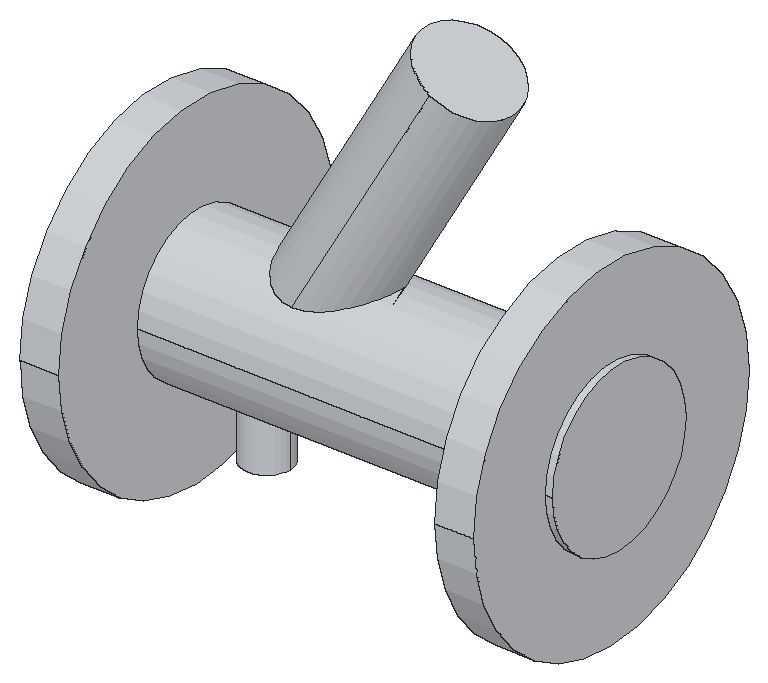
Revit family "HS 821-síto_jemné-PN16-DN015-RFA_2019", category Pipe Accessories, Revit 2019
Family settings
  Round Connector Dimension = Use Diameter
  Part Type = Breaks Into
  Work Plane-Based = No
  Always vertical = Yes
  Cut with Voids When Loaded = No
  Shared = No
Parameters (values of type "821A-DN015-PN16-síto_jemné")
  magiProductId = "a71bcfe8b393460598b23e8ddf7dc5"
  magiProductFamilyId = "79214ac3aaa945e397802f559f5c1e"
  magiPartTypeId = 307
  isMeasuringValve [instance] = no
  ang2D [instance] = 0.00°
  ZB__ve = -ZB  # -16.25 mm
  ZB1 = 18.63 mm
  ZB = 16.25 mm
  X2 = 46.982 mm
  X1 = 18.2 mm
  W2D = 15 mm
  VersionID = "2.0/2017.9.26.1/ZETKAMA_821_001"
  Use Minimum Symbol Size [instance] = yes
  URL = "www.hydronix.cz"
  Type Comments = "Filtr přírubový; síto jemné; A-PN16 (-10~300°C); D-PN25 (-10~350°C); F-PN40 (-10~400°C)"
  S = 46 mm
  QmdConnectorList = "301;D;302;D"
  Productdata [instance] = ""
  Manufacturer = "Hydronix"
  MC Product Code = "210 115 (821A; DN015; PN16; kvs6,2; oko síta 0,63mm)"
  LM1 = 10.4 mm
  LM = 104 mm
  L4 = 32.5 mm
  L2D_Min = 3048 mm
  L2D = 130 mm
  L2 = 65 mm
  HH2 = 81.375 mm
  FD = 95 mm
  Description = "Filtr přírubový; síto jemné; 821A-PN16; 821D-PN25; 821F-PN40"
  DM1 = 27.6 mm
  DM = 41.4 mm
  D = 15 mm
  CC = 2.21 mm
  CAT0 = yes
  C1 = 10.79 mm
  C = 13 mm
  BD = 13.041 mm
Types (40, lengths in mm): name | magiProductId | ZB__ve | ZB1 | ZB | X2 | X1 | S | MC Product Code | LM1 | LM | L4 | L2 | HH2 | FD | DM1 | DM | D | CC | C1 | C | BD
  821A-DN015-PN16-síto_jemné | "a71bcfe8b393460598b23e8ddf7dc5" | -16.25 | 18.63 | 16.25 | 46.982 | 18.2 | 46 | "210 115 (821A; DN015; PN16; kvs6,2; oko síta 0,63mm)" | 10.4 | 104 | 32.5 | 65 | 81.375 | 95 | 27.6 | 41.4 | 15 | 2.21 | 10.79 | 13 | 13.041
  821A-DN020-PN16-síto_jemné | "41cd6c7a12924f4991217528336076" | -17.75 | 22.68 | 17.75 | 51.673 | 21 | 56 | "210 120 (821A; DN020; PN16; kvs9,6; oko síta 0,63mm)" | 12 | 120 | 37.5 | 75 | 89.5 | 105 | 33.6 | 50.4 | 20 | 2.55 | 12.45 | 15 | 15.876
  821A-DN025-PN16-síto_jemné | "be378b463ed14c3abf4c9b3ae8cf3a" | -19.25 | 26.325 | 19.25 | 58.601 | 22.4 | 65 | "210 125 (821A; DN025; PN16; kvs14,2; oko síta 0,63mm)" | 12.8 | 128 | 40 | 80 | 101.5 | 115 | 43.2 | 58.5 | 25 | 2.72 | 13.28 | 16 | 18.427
  821A-DN032-PN16-síto_jemné | "227a0d18b21540afabe8b6067d35fa" | -23 | 30.78 | 23 | 68.849 | 25.2 | 76 | "210 132 (821A; DN032; PN16; kvs23,1; oko síta 0,63mm)" | 14.4 | 144 | 45 | 90 | 119.25 | 140 | 50.4 | 68.4 | 32 | 3.06 | 14.94 | 18 | 21.546
  821A-DN040-PN16-síto_jemné | "d106917c74724141a10440112d0102" | -24.5 | 34.02 | 24.5 | 75.777 | 28 | 84 | "210 140 (821A; DN040; PN16; kvs36,6; oko síta 0,63mm)" | 16 | 160 | 50 | 100 | 131.25 | 150 | 60 | 75.6 | 40 | 3.4 | 16.6 | 20 | 23.814
  821A-DN050-PN16-síto_jemné | "8255d456a09e4f6486734f5dd9171b" | -26.75 | 40.095 | 26.75 | 79.061 | 32.2 | 99 | "210 150 (821A; DN050 PN16; kvs53,7; oko síta 0,63mm)" | 18.4 | 184 | 57.5 | 115 | 136.938 | 165 | 73.8 | 89.1 | 50 | 3.91 | 19.09 | 23 | 28.066
  821A-DN065-PN16-síto_jemné | "235b1b3e4c0843779a4d5e3716d40a" | -29.75 | 47.79 | 29.75 | 86.927 | 40.6 | 118 | "210 165 (821A; DN065; PN16; kvs95,1; oko síta 0,63mm)" | 23.2 | 232 | 72.5 | 145 | 150.562 | 185 | 94.2 | 106.2 | 65 | 4.93 | 24.07 | 29 | 33.453
  821A-DN080-PN16-síto_jemné | "a067f7c5236348ed8c820d16df7214" | -32 | 53.46 | 32 | 104.753 | 43.4 | 132 | "210 180 (821A; DN080; PN16; kvs137,1; oko síta 0,63mm)" | 24.8 | 248 | 77.5 | 155 | 181.438 | 200 | 107.4 | 118.8 | 80 | 5.27 | 25.73 | 31 | 37.422
  821A-DN100-PN16-síto_jemné | "c49a648c2747461285837d643703cd" | -35 | 63.18 | 35 | 114.857 | 49 | 156 | "210 190 (821A; DN100; PN16; kvs206,4; oko síta 0,63mm)" | 28 | 280 | 87.5 | 175 | 198.937 | 220 | 131.4 | 140.4 | 100 | 5.95 | 29.05 | 35 | 44.226
  821A-DN125-PN16-síto_jemné | "bf68e728a163493cbd2a663b26ebdc" | -39.5 | 74.52 | 39.5 | 131.888 | 56 | 184 | "210 191 (821A; DN125; PN16; kvs268,8; oko síta 0,63mm)" | 32 | 320 | 100 | 200 | 228.438 | 250 | 165 | 165.6 | 125 | 6.8 | 33.2 | 40 | 52.164
  821A-DN150-PN16-síto_jemné | "2de770284b654863ae6bc865769dc5" | -44.75 | 85.455 | 44.75 | 155.885 | 67.2 | 211 | "210 192 (821A; DN150; PN16; kvs401,4; oko síta 0,63mm)" | 38.4 | 384 | 120 | 240 | 270 | 285 | 192 | 189.9 | 150 | 8.16 | 39.84 | 48 | 59.818
  821A-DN200-PN16-síto_jemné | "8e5693371ab64aabb29a7f08c76e15" | -53 | 107.73 | 53 | 188.361 | 84 | 266 | "210 193 (821A; DN200; PN16; kvs706,7; oko síta 0,63mm)" | 48 | 480 | 150 | 300 | 326.25 | 340 | 252 | 239.4 | 200 | 10.2 | 49.8 | 60 | 75.411
  821A-DN250-PN16-síto_jemné | "05e37ed948c34047acdd4c42556504" | -62.75 | 129.195 | 62.75 | 255.911 | 102.2 | 319 | "210 194 (821A; DN250; PN16; kvs1229,4; oko síta 0,63mm)" | 58.4 | 584 | 182.5 | 365 | 443.25 | 405 | 309.6 | 287.1 | 250 | 12.41 | 60.59 | 73 | 90.436
  821A-DN300-PN16-síto_jemné | "9ad0af747269428da925480d83ce80" | -71 | 149.85 | 71 | 325.914 | 119 | 370 | "210 195 (821A; DN300; PN16; kvs1902,4; oko síta 0,63mm)" | 68 | 680 | 212.5 | 425 | 564.5 | 460 | 369.6 | 333 | 300 | 14.45 | 70.55 | 85 | 104.895
  821A-DN350-PN16-síto_jemné | "eebc71459bb3451bb4355e7951370a" | -80 | 173.745 | 80 | 356.875 | 137.2 | 429 | "200 196 (821A; DN350; PN16; kvs2611,0; oko síta 0,63mm)" | 78.4 | 784 | 245 | 490 | 618.125 | 520 | 438 | 386.1 | 350 | 16.66 | 81.34 | 98 | 121.621
  821A-DN400-PN16-síto_jemné | "d2f677cb196647e385b2590e7d8abe" | -89 | 194.4 | 89 | 392.237 | 154 | 480 | "210 197 (821A; DN400; PN16; kvs3438,4; oko síta 0,63mm)" | 88 | 880 | 275 | 550 | 679.375 | 580 | 498 | 432 | 400 | 18.7 | 91.3 | 110 | 136.08
  821D-DN015-PN25-síto_jemné | "27ddcbf555414f8ca1fde329bf9087" | -16.25 | 18.63 | 16.25 | 46.982 | 18.2 | 46 | "210 215 (821D; DN015; PN25; kvs6,2; oko síta 0,63mm)" | 10.4 | 104 | 32.5 | 65 | 81.375 | 95 | 27.6 | 41.4 | 15 | 2.21 | 10.79 | 13 | 13.041
  821D-DN020-PN25-síto_jemné | "270e0f14012f47189cd0235c18faee" | -17.75 | 22.68 | 17.75 | 51.673 | 21 | 56 | "210 220 (821D; DN020; PN25; kvs9,6; oko síta 0,63mm)" | 12 | 120 | 37.5 | 75 | 89.5 | 105 | 33.6 | 50.4 | 20 | 2.55 | 12.45 | 15 | 15.876
  821D-DN025-PN25-síto_jemné | "b9a7fb4aa36643878c637d8e1ab992" | -19.25 | 26.325 | 19.25 | 58.601 | 22.4 | 65 | "210 225 (821D; DN025; PN25; kvs14,2; oko síta 0,63mm)" | 12.8 | 128 | 40 | 80 | 101.5 | 115 | 43.2 | 58.5 | 25 | 2.72 | 13.28 | 16 | 18.427
  821D-DN032-PN25-síto_jemné | "6be9a55c4e68400f94eec7e804204c" | -23 | 30.78 | 23 | 68.849 | 25.2 | 76 | "210 232 (821D; DN032; PN25; kvs23,1; oko síta 0,63mm)" | 14.4 | 144 | 45 | 90 | 119.25 | 140 | 50.4 | 68.4 | 32 | 3.06 | 14.94 | 18 | 21.546
  821D-DN040-PN25-síto_jemné | "c54511bd7f584ec2984291479612cb" | -24.5 | 34.02 | 24.5 | 75.777 | 28 | 84 | "210 240 (821D; DN040; PN25; kvs36,6; oko síta 0,63mm)" | 16 | 160 | 50 | 100 | 131.25 | 150 | 60 | 75.6 | 40 | 3.4 | 16.6 | 20 | 23.814
  821D-DN050-PN25-síto_jemné | "5483b1f596b04cd39b23a14a22c90e" | -26.75 | 40.095 | 26.75 | 79.061 | 32.2 | 99 | "210 250 (821D; DN050; PN25; kvs53,7; oko síta 0,63mm)" | 18.4 | 184 | 57.5 | 115 | 136.938 | 165 | 73.8 | 89.1 | 50 | 3.91 | 19.09 | 23 | 28.066
  821D-DN065-PN25-síto_jemné | "767b0f8318e94750bc7a9930ed5b30" | -29.75 | 47.79 | 29.75 | 86.927 | 40.6 | 118 | "210 265 (821D; DN065; PN25; kvs95,1; oko síta 0,63mm)" | 23.2 | 232 | 72.5 | 145 | 150.562 | 185 | 94.2 | 106.2 | 65 | 4.93 | 24.07 | 29 | 33.453
  821D-DN080-PN25-síto_jemné | "e21040fa3cc2404b858198f6b73709" | -32 | 53.46 | 32 | 104.753 | 43.4 | 132 | "210 280 (821D; DN080; PN25; kvs137,1; oko síta 0,63mm)" | 24.8 | 248 | 77.5 | 155 | 181.438 | 200 | 107.4 | 118.8 | 80 | 5.27 | 25.73 | 31 | 37.422
  821D-DN100-PN25-síto_jemné | "175ca87a506b40b3bc6b82f12f33cf" | -37.25 | 63.18 | 37.25 | 114.857 | 49 | 156 | "210 290 (821D; DN100; PN25; kvs206,4; oko síta 0,63mm)" | 28 | 280 | 87.5 | 175 | 198.937 | 235 | 131.4 | 140.4 | 100 | 5.95 | 29.05 | 35 | 44.226
  821D-DN125-PN25-síto_jemné | "77cc98d60da24855999a22dff726b2" | -42.5 | 74.52 | 42.5 | 131.888 | 56 | 184 | "210 291 (821D; DN125; PN25; kvs268,8; oko síta 0,63mm)" | 32 | 320 | 100 | 200 | 228.438 | 270 | 165 | 165.6 | 125 | 6.8 | 33.2 | 40 | 52.164
  821D-DN150-PN25-síto_jemné | "9cf8acfcd15547d68e83172d3abcbe" | -47 | 85.455 | 47 | 155.885 | 67.2 | 211 | "210 292 (821D; DN150; PN25; kvs401,4; oko síta 0,63mm)" | 38.4 | 384 | 120 | 240 | 270 | 300 | 192 | 189.9 | 150 | 8.16 | 39.84 | 48 | 59.818
  821D-DN200-PN25-síto_jemné | "16973f3c9ea14389ba8602495a6b64" | -56 | 110.97 | 56 | 188.361 | 84 | 274 | "210 293 (821D; DN200; PN25; kvs706,7; oko síta 0,63mm)" | 48 | 480 | 150 | 300 | 326.25 | 360 | 252 | 246.6 | 200 | 10.2 | 49.8 | 60 | 77.679
  821F-DN015-PN40-síto_jemné | "4c7eaf3c4c0340888b3e684d8a8616" | -16.25 | 18.225 | 16.25 | 46.982 | 18.2 | 45 | "250 615 (821F; DN015; PN40; kvs6,2; oko síta 0,63mm)" | 10.4 | 104 | 32.5 | 65 | 81.375 | 95 | 27.6 | 40.5 | 15 | 2.21 | 10.79 | 13 | 12.757
  821F-DN020-PN40-síto_jemné | "aaac5f1ec96b44d6ba96ac2293d66d" | -17.75 | 23.49 | 17.75 | 51.673 | 21 | 58 | "250 620 (821F; DN020; PN40; kvs9,6; oko síta 0,63mm)" | 12 | 120 | 37.5 | 75 | 89.5 | 105 | 33.6 | 52.2 | 20 | 2.55 | 12.45 | 15 | 16.443
  821F-DN025-PN40-síto_jemné | "504768023968471481789485b54c7e" | -19.25 | 27.54 | 19.25 | 58.601 | 22.4 | 68 | "250 625 (821F; DN025; PN40; kvs14,2; oko síta 0,63mm)" | 12.8 | 128 | 40 | 80 | 101.5 | 115 | 43.2 | 61.2 | 25 | 2.72 | 13.28 | 16 | 19.278
  821F-DN032-PN40-síto_jemné | "165e7f39cf744f329bdf1c400dad12" | -23 | 31.59 | 23 | 68.849 | 25.2 | 78 | "250 632 (821F; DN032; PN40; kvs23,1; oko síta 0,63mm)" | 14.4 | 144 | 45 | 90 | 119.25 | 140 | 50.4 | 70.2 | 32 | 3.06 | 14.94 | 18 | 22.113
  821F-DN040-PN40-síto_jemné | "b8903f952089408fbf3a5a632bab1f" | -24.5 | 35.64 | 24.5 | 75.777 | 28 | 88 | "250 640 (821F; DN040; PN40; kvs36,6; oko síta 0,63mm)" | 16 | 160 | 50 | 100 | 131.25 | 150 | 60 | 79.2 | 40 | 3.4 | 16.6 | 20 | 24.948
  821F-DN050-PN40-síto_jemné | "c451f97266fe48da8f879cb6a2bd44" | -26.75 | 41.31 | 26.75 | 79.061 | 32.2 | 102 | "250 650 (821F; DN050; PN40; kvs53,7; oko síta 0,63mm)" | 18.4 | 184 | 57.5 | 115 | 136.938 | 165 | 73.8 | 91.8 | 50 | 3.91 | 19.09 | 23 | 28.917
  821F-DN065-PN40-síto_jemné | "dc9821e3f9b34e128f6a8c6b34c198" | -29.75 | 49.41 | 29.75 | 86.927 | 40.6 | 122 | "250 665 (821F; DN065; PN40; kvs95,1; oko síta 0,63mm)" | 23.2 | 232 | 72.5 | 145 | 150.562 | 185 | 94.2 | 109.8 | 65 | 4.93 | 24.07 | 29 | 34.587
  821F-DN080-PN40-síto_jemné | "689aa1e260f84cf4994f027a1d86b5" | -32 | 55.89 | 32 | 104.753 | 43.4 | 138 | "250 680 (821F; DN080; PN40; kvs137,1; oko síta 0,63mm)" | 24.8 | 248 | 77.5 | 155 | 181.438 | 200 | 107.4 | 124.2 | 80 | 5.27 | 25.73 | 31 | 39.123
  821F-DN100-PN40-síto_jemné | "8a45d4e8e2ab425f8c432f21d684f3" | -37.25 | 65.61 | 37.25 | 114.857 | 49 | 162 | "250 690 (821F; DN100; PN40; kvs206,4; oko síta 0,63mm)" | 28 | 280 | 87.5 | 175 | 198.937 | 235 | 131.4 | 145.8 | 100 | 5.95 | 29.05 | 35 | 45.927
  821F-DN125-PN40-síto_jemné | "cf073904c006406b8645afa67ea2fc" | -42.5 | 76.14 | 42.5 | 131.888 | 56 | 188 | "250 691 (821F; DN125; PN40; kvs268,8; oko síta 0,63mm)" | 32 | 320 | 100 | 200 | 228.438 | 270 | 165 | 169.2 | 125 | 6.8 | 33.2 | 40 | 53.298
  821F-DN150-PN40-síto_jemné | "0153b9ddabe14992a630484929fdbc" | -47 | 88.29 | 47 | 155.885 | 67.2 | 218 | "250 692 (821F; DN150; PN40; kvs401,4; oko síta 0,63mm)" | 38.4 | 384 | 120 | 240 | 270 | 300 | 192 | 196.2 | 150 | 8.16 | 39.84 | 48 | 61.803
  821F-DN200-PN40-síto_jemné | "7fb3fc01dd8d42428c203e3f8dd4d5" | -56 | 115.425 | 56 | 188.361 | 84 | 285 | "250 693 (821F; DN200; PN40; kvs706,7; oko síta 0,63mm)" | 48 | 480 | 150 | 300 | 326.25 | 360 | 252 | 256.5 | 200 | 10.2 | 49.8 | 60 | 80.797
Reference planes
  plane 1 "Center (Front/Back)": y = 0
  plane 2 "XYPLANE": z = 0
  plane 3 "Center (Left/Right)": x = 0
  plane 4 "109": x = -41.6
  plane 5 "108": x = 52
  plane 6 "107": x = -52
  plane 7 "105": x = 65
  plane 8 "104": x = -65
  plane 9 "103": y = 0
  plane 10 "102": z = 0
  plane 11 "101": x = -62.79
  plane 12 "100": x = 62.79
  plane 13 "11": x = -23.4
  plane 14 "10": z = 81.375
  plane 15 "9": x = 23.582
  plane 16 "5": z = -18.63
  plane 17 "4": x = -32.5
  plane 18 "1": x = 32.5
Forms (mm)
  Extrusion 1, solid, visible <- "CAT0"
    sketch origin (-52, -750, 0) x (0, 1, 0) y (0, 0, 1)
      loop
        circle (750, 0) r 20.7
    from 0 to 104 <- "LM"
  Extrusion 2, solid
    sketch origin (-65, -750, 0) x (0, 1, 0) y (0, 0, 1)
      loop
        circle (750, 0) r 23
    from 0 to 2.21 <- "CC"
  Extrusion 3, solid
    sketch origin (-62.79, -750, 0) x (0, 1, 0) y (0, 0, 1)
      loop
        circle (750, 0) r 47.5
    from 0 to 10.79 <- "C1"
  Extrusion 4, solid
    sketch origin (52, -750, 0) x (0, 1, 0) y (0, 0, 1)
      loop
        circle (750, 0) r 47.5
    from 0 to 10.79 <- "C1"
  Extrusion 5, solid
    sketch origin (62.79, -750, 0) x (0, 1, 0) y (0, 0, 1)
      loop
        circle (750, 0) r 23
    from 0 to 2.21 <- "CC"
  Sweep 6, solid, visible <- "CAT0"
    path origin (750, 0, 0) x (-1, 0, 0) y (0, 0, 1)
      loop
        line (802, 0) -> (773.4, 0) -> (726.418, 81.375)
    profile origin (-52, 0, 0) x (0, 0, -1) y (0, 1, 0)
      loop
        circle (0, 0) r 13.8
  Extrusion 7, solid, visible <- "CAT0"
    sketch origin (-750, 0, -18.63) x (1, 0, 0) y (0, 1, 0)
      loop
        circle (717.5, 0) r 6.52
    from 0 to -16.25 <- "ZB__ve"
  Extrusion 8, solid, visible <- "CAT0"
    sketch origin (-750, 0, -18.63) x (1, 0, 0) y (0, 1, 0)
      loop
        circle (782.5, 0) r 6.52
    from 0 to -16.25 <- "ZB__ve"
  Extrusion 9, solid, not visible
    sketch origin (65, -750, 0) x (0, 1, 0) y (0, 0, 1)
      loop
        circle (750, 0) r 10
    from 0 to -10
  Extrusion 10, solid, not visible
    sketch origin (-65, -750, 0) x (0, 1, 0) y (0, 0, 1)
      loop
        circle (750, 0) r 10
    from 0 to 10
Lines and regions (mm)
  reference lines, not visible
    curve 1: circle (2, 2, 0) r 1 normal (0, 0, 1)
Dimensions and locks
  plane 1 "Center (Front/Back)" to curve 1 = 2 mm
  "LM1": plane 6 "107" to plane 4 "109"
  "LM": plane 6 "107" to plane 5 "108"
  "C": plane 8 "104" to plane 6 "107"
  "L2": plane 3 "Center (Left/Right)" to plane 7 "105"
  "L2": plane 3 "Center (Left/Right)" to plane 8 "104"
  locked: plane 1 "Center (Front/Back)" to plane 9 "103"
  locked: plane 2 "XYPLANE" to plane 10 "102"
  "CC": plane 8 "104" to plane 11 "101"
  "C1": plane 5 "108" to plane 12 "100"
  "X1": plane 4 "109" to plane 13 "11"
  "HH2": plane 2 "XYPLANE" to plane 14 "10"
  "X2": plane 13 "11" to plane 15 "9"
  "ZB1": plane 2 "XYPLANE" to plane 16 "5"
  "L4": plane 8 "104" to plane 17 "4"
  "L2": plane 17 "4" to plane 18 "1"
  Sweep 6 sketch curve to Sweep 6 sketch curve = 0 mm  (x2)
  "DM": diameter of Extrusion 1 sketch curve
  "S": diameter of Extrusion 2 sketch curve
  "FD": diameter of Extrusion 3 sketch curve
  "FD": diameter of Extrusion 4 sketch curve
  "S": diameter of Extrusion 5 sketch curve
  "DM1": diameter of Sweep 6 sketch curve
  "BD": diameter of Extrusion 7 sketch curve
  "BD": diameter of Extrusion 8 sketch curve
  aligned and locked: level to plane 2 "XYPLANE"
  aligned and locked: Extrusion 1 sketch curve to plane 9 "103"
  aligned and locked: plane 10 "102" to Extrusion 1 sketch curve
  aligned and locked: Extrusion 2 sketch curve to plane 9 "103"
  aligned and locked: plane 10 "102" to Extrusion 2 sketch curve
  aligned and locked: Extrusion 3 sketch curve to plane 9 "103"
  aligned and locked: plane 10 "102" to Extrusion 3 sketch curve
  aligned and locked: Extrusion 4 sketch curve to plane 9 "103"
  aligned and locked: plane 10 "102" to Extrusion 4 sketch curve
  aligned and locked: Extrusion 5 sketch curve to plane 9 "103"
  aligned and locked: plane 10 "102" to Extrusion 5 sketch curve
  aligned and locked: Sweep 6 sketch curve to plane 9 "103"
  aligned and locked: plane 10 "102" to Sweep 6 sketch curve  (x3)
  aligned and locked: plane 6 "107" to Sweep 6 sketch curve
  aligned and locked: plane 13 "11" to Sweep 6 sketch curve
  aligned and locked: plane 14 "10" to Sweep 6 sketch curve
  aligned and locked: plane 15 "9" to Sweep 6 sketch curve
  aligned and locked: plane 9 "103" to Extrusion 7 sketch curve
  aligned and locked: plane 17 "4" to Extrusion 7 sketch curve
  aligned and locked: plane 9 "103" to Extrusion 8 sketch curve
  aligned and locked: plane 18 "1" to Extrusion 8 sketch curve
  aligned and locked: Extrusion 9 sketch curve to plane 9 "103"
  aligned and locked: plane 10 "102" to Extrusion 9 sketch curve
  aligned and locked: Extrusion 10 sketch curve to plane 9 "103"
  aligned and locked: plane 10 "102" to Extrusion 10 sketch curve
Automatic sketch dimensions
  plane 1 "Center (Front/Back)" to Extrusion 9 sketch curve = 10 mm
  plane 1 "Center (Front/Back)" to Extrusion 10 sketch curve = 10 mm
  plane 3 "Center (Left/Right)" to curve 1 = 2 mm
  radius of curve 1 = 1 mm
Connectors
  piping at (-65, 0, 0), diameter 15, driven by "D"
    settings: on Extrusion 10, index 1, connector inside diameter 609.6 mm, connector length 0 mm, flow factor 0, pipe flow 0.0 L/s, pressure drop 0.0 Pa, fitting loss kfactor 0, connector angle 0.00°, fixture units 0, engagement length 0 mm, angle of deflection 0.00°, flow configuration 0, flow direction 0, fitting loss method 0, system type 29, joint type 0, gender type 0, connector reference index 2, connector utility 0, adjustable connector no, is connector primary yes, connector description ""
  piping at (65, 0, 0), diameter 15, driven by "D"
    settings: on Extrusion 9, index 2, connector inside diameter 609.6 mm, connector length 0 mm, flow factor 0, pipe flow 0.0 L/s, pressure drop 0.0 Pa, fitting loss kfactor 0, connector angle 0.00°, fixture units 0, engagement length 0 mm, angle of deflection 0.00°, flow configuration 0, flow direction 0, fitting loss method 0, system type 29, joint type 0, gender type 0, connector reference index 1, connector utility 0, adjustable connector no, is connector primary no, connector description ""
